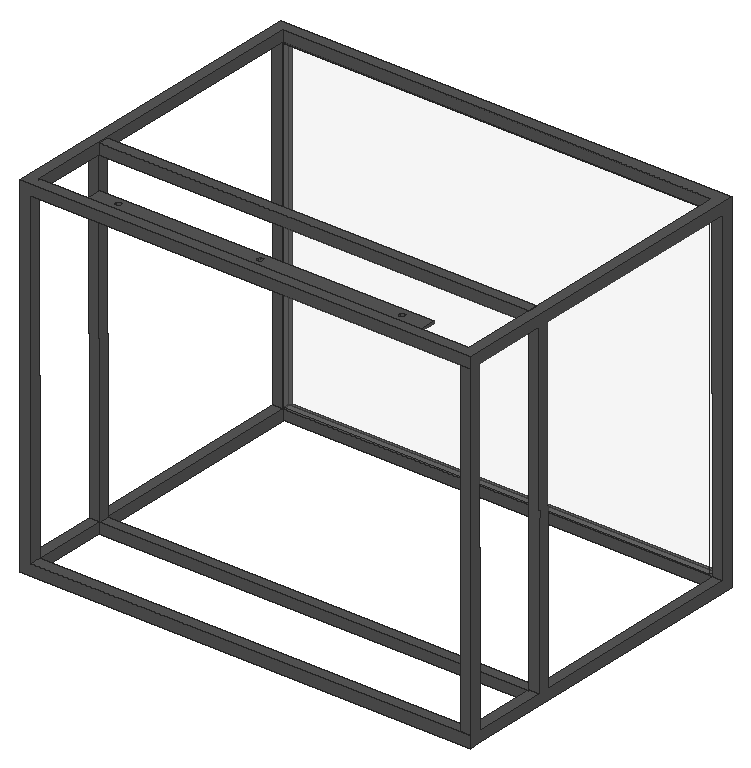
Revit family "Furniture-Console_Table-KALLISTA-Script-P78575", category Specialty Equipment, host Face, Revit 2022
Family settings
  Host = Face
  Round Connector Dimension = Use Diameter
  Part Type = Normal
  OmniClass Number = 23.21.19.15
  OmniClass Title = Specialty Casework
  Cut with Voids When Loaded = No
  Maintain Annotation Orientation = No
  Shared = No
  Room Calculation Point = No
Parameters (values of type "BL-Matte Black")
  Width = 27"  # constant formula
  WaterSense Certified = 1 = 0  # no
  URL = "https://www.kallista.com/"
  Type = 1
  Product Page URL = "https://www.kallista.com/products/luxury-bathroom/console-tables/consoles/grid-wall-hung-console-p78575-00/bl-matte-black"
  Product Name = "Script"  # constant formula
  Product Documentation Link = "https://techcomm.kohler.com/techcomm/pdf/1340948-8.pdf"
  Model = if(Type = 1, "P78575-00-BL", "NA")  # "P78575-00-BL"
  Material = "Premium Metal Construction"  # constant formula
  Master Format 2014 Name = "Cabinet and Drawer Hardware"  # constant formula
  Master Format 2014 = "06 41 93"  # constant formula
  Manufacturer Address = "444 Highland Dr, Kohler, WI 53044"  # constant formula
  Manufacturer = "Kallista  Co."  # constant formula
  Length = 19.56803"  # constant formula
  Height = 21.02413"  # constant formula
  Finish = Kallista-Metal-BL-Matte_Black
  Environmental Product Declaration = ""
  Description = "Wall-hung Console"  # constant formula
  Default Elevation = 48"
  Declare Label = ""
  Date Modified = "06/03/2025"  # constant formula
  Date Created = "06/03/2025"  # constant formula
  Copyright = "Copyright Kallista Co."  # constant formula
  Contact Us = "https://www.kallista.com/corporate/contact-us/"
  Assembly Code = "E20"
  ADA Compliant = 1 = 0  # no
Reference planes (in)
  plane 1 "Center (Front/Back)": y = 0
  plane 2: z = 0
  plane 3 "Center (Left/Right)": x = 0
  plane 4: x = 13.50004
  plane 5: y = -12.05661
  plane 6: x = -13.49996
  plane 7: z = 21.02413
  plane 8: z = 10.45045
  plane 9: y = 7.51142
Dimensions and locks (in)
  "Width": plane 6 to plane 4
  "Length": plane 5 to plane 9
  plane 7 to level = 21.02413"
  plane 6 to plane 4 = 27"
  "Height": plane 7 to level
  plane 9 to plane 5 = 19.56803"
  aligned and locked: plane 2 to host face
  aligned and locked: level to host face
Automatic sketch dimensions
  host sketch curve to host sketch curve = 96"  (x2)
Nested families (in)
  nested 1: "P78575" at (0, 7.51141, 10.45045) x (1, 0, 0) z (0, -1, 0), type "P78575"
Definition of nested family "P78575"
  Parameters
    Material = none
    Default Elevation = 48"
  Reference planes (in)
    plane 1 "Center (Front/Back)": y = 0
    plane 2: z = 0
    plane 3 "Center (Left/Right)": x = 0
    plane 4: x = -13.49996
    plane 5: x = 13.50004
    plane 6: y = 10.57367
    plane 7: y = -10.45045
    plane 8: z = 19.56802
    plane 9: z = 0
    plane 10: z = 0
  Forms (in)
    Extrusion 1, solid, material <- "Material"
      sketch origin (0, 0, 0) x (1, 0, 0) y (0, 0, 1)
        loop
          line (12.87504, 18.93858) -> (-12.8765, 18.93858) -> (-12.8765, 0.69051) -> (12.87504, 0.69051) -> (12.87504, 18.93858)
        loop
          line (-13.49996, 0) -> (13.50004, 0) -> (13.50004, 19.56802) -> (-13.49996, 19.56802) -> (-13.49996, 0)
      from -10.57367 to -9.93221
    Extrusion 2, solid, material <- "Material"
      sketch origin (0, 0, 0) x (0, 1, 0) y (0, 0, 1)
        loop
          line (-10.4057, 19.50402) -> (-10.4057, -0.00017) -> (10.57458, -0.00017) -> (10.57458, 19.50402) -> (-10.4057, 19.50402)
        loop
          line (-9.82544, 14.37688) -> (9.93221, 14.43863) -> (9.93221, 18.93865) -> (-9.8395, 18.87686) -> (-9.82544, 14.37688)
        loop
          line (9.93221, 13.81363) -> (-9.82348, 13.75189) -> (-9.78247, 0.62695) -> (9.93221, 0.68856) -> (9.93221, 13.81363)
      from 12.87504 to 13.50004
    Extrusion 3, solid, material <- "Material"
      sketch origin (0, 0, 0) x (0, 1, 0) y (0, 0, -1)
        loop
          line (-10.45045, -19.56802) -> (10.57458, -19.56802) -> (10.57458, 0.00017) -> (-10.45045, 0.00017) -> (-10.45045, -19.56802)
        loop
          line (-9.82544, -14.37688) -> (-9.8395, -18.87686) -> (9.93221, -18.93865) -> (9.93221, -14.43863) -> (-9.82544, -14.37688)
        loop
          line (9.93221, -13.81363) -> (9.93221, -0.68856) -> (-9.78247, -0.62695) -> (-9.82348, -13.75189) -> (9.93221, -13.81363)
      from 12.87504 to 13.50004
    Extrusion 4, solid, material <- "Material"
      sketch origin (0, 0, 0) x (1, 0, 0) y (0, 1, 0)
        loop
          line (-12.87496, -10.45043) -> (12.87504, -10.45043) -> (12.87504, -9.82544) -> (-12.87496, -9.82544) -> (-12.87496, -10.45043)
        loop
          line (12.87504, 10.57367) -> (-12.87496, 10.57367) -> (-12.87496, 9.92447) -> (12.87504, 9.92447) -> (12.87504, 10.57367)
      from 13.81361 to 14.43861
    Extrusion 5, solid, material <- "Material"
      sketch origin (0, 0, 0) x (1, 0, 0) y (0, 1, 0)
        loop
          line (12.87504, -9.78119) -> (-12.8765, -9.78119) -> (-12.8765, -10.40551) -> (12.87504, -10.40551) -> (12.87504, -9.78119)
      from -0.00002 to 0.625
    Extrusion 6, solid
      sketch origin (0, 0, 0) x (1, 0, 0) y (0, 1, 0)
        loop
          line (-12.76577, -9.67165) -> (12.76432, -9.67165) -> (12.76432, 9.85839) -> (-12.76577, 9.85839) -> (-12.76577, -9.67165)
      from 0.31211 to 0.69063
    Extrusion 7, solid, material <- "Material"
      sketch origin (0, 0, 0) x (0, 1, 0) y (0, 0, 1)
        loop
          line (9.91057, 18.81358) -> (10.41149, 18.81358) -> (10.41149, 17.93579) -> (10.53854, 17.93579) -> (10.53854, 18.93758) -> (9.91057, 18.93758) -> (9.91057, 18.81358)
      from -9.99996 to 10.00004
    Extrusion 8, void
      sketch origin (0, 0, 0) x (1, 0, 0) y (0, 0, 1)
        loop
          spline (8.66504, 18.44054) -> (8.65942, 18.48324) -> (8.64294, 18.52304) -> (8.61672, 18.55721) -> (8.58254, 18.58343) -> (8.54275, 18.59992) -> (8.50004, 18.60554) -> (8.45734, 18.59992) -> (8.41754, 18.58343) -> (8.38337, 18.55721) -> (8.35715, 18.52304) -> (8.34067, 18.48324) -> (8.33504, 18.44054)
          spline (8.33504, 18.44054) -> (8.34067, 18.39783) -> (8.35715, 18.35804) -> (8.38337, 18.32387) -> (8.41754, 18.29765) -> (8.45734, 18.28116) -> (8.50004, 18.27554) -> (8.54275, 18.28116) -> (8.58254, 18.29765) -> (8.61672, 18.32387) -> (8.64294, 18.35804) -> (8.65942, 18.39783) -> (8.66504, 18.44054)
        loop
          spline (-0.16496, 18.44054) -> (-0.15933, 18.39783) -> (-0.14285, 18.35804) -> (-0.11663, 18.32387) -> (-0.08246, 18.29765) -> (-0.04266, 18.28116) -> (0.00004, 18.27554) -> (0.04275, 18.28116) -> (0.08254, 18.29765) -> (0.11672, 18.32387) -> (0.14294, 18.35804) -> (0.15942, 18.39783) -> (0.16504, 18.44054)
          spline (0.16504, 18.44054) -> (0.15942, 18.48324) -> (0.14294, 18.52304) -> (0.11672, 18.55721) -> (0.08254, 18.58343) -> (0.04275, 18.59992) -> (0.00004, 18.60554) -> (-0.04266, 18.59992) -> (-0.08246, 18.58343) -> (-0.11663, 18.55721) -> (-0.14285, 18.52304) -> (-0.15933, 18.48324) -> (-0.16496, 18.44054)
        loop
          spline (-8.33496, 18.44054) -> (-8.34058, 18.48324) -> (-8.35706, 18.52304) -> (-8.38328, 18.55721) -> (-8.41746, 18.58343) -> (-8.45725, 18.59992) -> (-8.49996, 18.60554) -> (-8.54266, 18.59992) -> (-8.58246, 18.58343) -> (-8.61663, 18.55721) -> (-8.64285, 18.52304) -> (-8.65933, 18.48324) -> (-8.66496, 18.44054)
          spline (-8.66496, 18.44054) -> (-8.65933, 18.39783) -> (-8.64285, 18.35804) -> (-8.61663, 18.32387) -> (-8.58246, 18.29765) -> (-8.54266, 18.28116) -> (-8.49996, 18.27554) -> (-8.45725, 18.28116) -> (-8.41746, 18.29765) -> (-8.38328, 18.32387) -> (-8.35706, 18.35804) -> (-8.34058, 18.39783) -> (-8.33496, 18.44054)
      from -11.32428 to -8.7001
    Extrusion 9, solid, material <- "Material"
      sketch origin (0, 0, 0) x (1, 0, 0) y (0, 1, 0)
        loop
          line (-13.50004, -10.45045) -> (13.50004, -10.45045) -> (13.50004, -9.78119) -> (-13.50004, -9.78119) -> (-13.50004, -10.45045)
      from 18.93858 to 19.56802
  Cuts and joins
    joined: Extrusion 1, Extrusion 2, Extrusion 3, Extrusion 5, Extrusion 9
    Extrusion 8 cuts Extrusion 7
  Lines and regions (in)
    Masking region 1
      outline origin (0, 0, 0) x (1, 0, 0) y (0, 0, 1)
        loop
          line (13.50033, 19.56802) -> (-13.49996, 19.56802) -> (-13.49996, 0) -> (13.50033, 0) -> (13.50033, 19.56802)
    Masking region 2
      outline origin (0, 0, 0) x (1, 0, 0) y (0, 1, 0)
        loop
          line (13.50004, 10.57367) -> (-13.49996, 10.57367) -> (-13.49996, -10.45045) -> (13.50004, -10.45045) -> (13.50004, 10.57367)
    Masking region 3
      outline origin (0, 0, 0) x (0, 1, 0) y (0, 0, 1)
        loop
          line (10.57367, 0) -> (10.57367, 19.56802) -> (-10.45045, 19.56802) -> (-10.45045, 0) -> (10.57367, 0)
    symbolic lines, detail levels medium+fine
      curve 1: line (-8.21813, -7.44765, 0) -> (-8.21813, 4.46953, 0)
      curve 2: line (-8.02128, 4.66638, 0) -> (8.1614, 4.66638, 0)
      curve 3: line (8.35825, 4.46953, 0) -> (8.35825, -7.44765, 0)
      curve 4: line (8.1614, -7.6445, 0) -> (-8.02128, -7.6445, 0)
      curve 5: arc (8.1614, 4.66638, 0) -> (8.30059, 4.60873, 0) -> (8.35825, 4.46953, 0) r 0.19685
      curve 6: arc (-8.21813, 4.46953, 0) -> (-8.16047, 4.60873, 0) -> (-8.02128, 4.66638, 0) r 0.19685
      curve 7: arc (8.1614, -7.6445, 0) -> (8.30059, -7.58685, 0) -> (8.35825, -7.44765, 0) r 0.19685
      curve 8: arc (-8.21813, -7.44765, 0) -> (-8.16047, -7.58685, 0) -> (-8.02128, -7.6445, 0) r 0.19685
      curve 9: line (0, -9.8395, 18.88861) -> (0, 9.93221, 18.9504)
      curve 10: line (0, 9.93221, 18.9504) -> (0, 9.93221, 14.45038)
      curve 11: line (0, -9.82544, 14.38863) -> (0, -9.8395, 18.88861)
      curve 12: line (0, 9.93221, 14.45038) -> (0, -9.82544, 14.38863)
      curve 13: line (0, -9.78247, 0.6387) -> (0, -9.82348, 13.76364)
      curve 14: line (0, -9.82348, 13.76364) -> (0, 9.93221, 13.82538)
      curve 15: line (0, 9.93221, 0.70031) -> (0, -9.78247, 0.6387)
      curve 16: line (0, 9.93221, 13.82538) -> (0, 9.93221, 0.70031)
      curve 17: line (12.87504, 0, 14.45036) -> (-12.8765, 0, 14.45036)
      curve 18: line (12.87504, 0, 18.78107) -> (12.87504, 0, 14.45036)
      curve 19: line (12.87504, 0, 13.82536) -> (12.87504, 0, 0.625)
      curve 20: line (-12.8765, 0, 13.82536) -> (12.87504, 0, 13.82536)
      curve 21: line (-12.8765, 0, 0.625) -> (-12.8765, 0, 13.82536)
      curve 22: line (12.87504, 0, 0.625) -> (-12.8765, 0, 0.625)
      curve 23: line (-12.8765, 0, 14.45036) -> (-12.8765, 0, 18.78107)
      curve 24: line (-12.8765, 0, 18.78107) -> (12.87504, 0, 18.78107)
      curve 25: line (-9.99996, 0, 19.49994) -> (-9.99996, 0, 17.93579)
      curve 26: line (-9.99996, 0, 17.93579) -> (10.00004, 0, 17.93579)
      curve 27: line (10.00004, 0, 17.93579) -> (10.00004, 0, 19.49994)
      curve 28: spline (8.33504, 0, 18.44054) -> (8.34067, 0, 18.39783) -> (8.35715, 0, 18.35804) -> (8.38337, 0, 18.32387) -> (8.41754, 0, 18.29765) -> (8.45734, 0, 18.28116) -> (8.50004, 0, 18.27554) -> (8.54275, 0, 18.28116) -> (8.58254, 0, 18.29765) -> (8.61672, 0, 18.32387) -> (8.64294, 0, 18.35804) -> (8.65942, 0, 18.39783) -> (8.66504, 0, 18.44054)
      curve 29: spline (8.66504, 0, 18.44054) -> (8.65942, 0, 18.48324) -> (8.64294, 0, 18.52304) -> (8.61672, 0, 18.55721) -> (8.58254, 0, 18.58343) -> (8.54275, 0, 18.59992) -> (8.50004, 0, 18.60554) -> (8.45734, 0, 18.59992) -> (8.41754, 0, 18.58343) -> (8.38337, 0, 18.55721) -> (8.35715, 0, 18.52304) -> (8.34067, 0, 18.48324) -> (8.33504, 0, 18.44054)
      curve 30: spline (-0.16496, 0, 18.44054) -> (-0.15933, 0, 18.39783) -> (-0.14285, 0, 18.35804) -> (-0.11663, 0, 18.32387) -> (-0.08246, 0, 18.29765) -> (-0.04266, 0, 18.28116) -> (0.00004, 0, 18.27554) -> (0.04275, 0, 18.28116) -> (0.08254, 0, 18.29765) -> (0.11672, 0, 18.32387) -> (0.14294, 0, 18.35804) -> (0.15942, 0, 18.39783) -> (0.16504, 0, 18.44054)
      curve 31: spline (0.16504, 0, 18.44054) -> (0.15942, 0, 18.48324) -> (0.14294, 0, 18.52304) -> (0.11672, 0, 18.55721) -> (0.08254, 0, 18.58343) -> (0.04275, 0, 18.59992) -> (0.00004, 0, 18.60554) -> (-0.04266, 0, 18.59992) -> (-0.08246, 0, 18.58343) -> (-0.11663, 0, 18.55721) -> (-0.14285, 0, 18.52304) -> (-0.15933, 0, 18.48324) -> (-0.16496, 0, 18.44054)
      curve 32: spline (-8.66496, 0, 18.44054) -> (-8.65933, 0, 18.39783) -> (-8.64285, 0, 18.35804) -> (-8.61663, 0, 18.32387) -> (-8.58246, 0, 18.29765) -> (-8.54266, 0, 18.28116) -> (-8.49996, 0, 18.27554) -> (-8.45725, 0, 18.28116) -> (-8.41746, 0, 18.29765) -> (-8.38328, 0, 18.32387) -> (-8.35706, 0, 18.35804) -> (-8.34058, 0, 18.39783) -> (-8.33496, 0, 18.44054)
      curve 33: spline (-8.33496, 0, 18.44054) -> (-8.34058, 0, 18.48324) -> (-8.35706, 0, 18.52304) -> (-8.38328, 0, 18.55721) -> (-8.41746, 0, 18.58343) -> (-8.45725, 0, 18.59992) -> (-8.49996, 0, 18.60554) -> (-8.54266, 0, 18.59992) -> (-8.58246, 0, 18.58343) -> (-8.61663, 0, 18.55721) -> (-8.64285, 0, 18.52304) -> (-8.65933, 0, 18.48324) -> (-8.66496, 0, 18.44054)
      curve 34: line (-12.76577, 9.93221, 0) -> (12.87504, 9.93221, 0)
      curve 35: line (-12.76577, 9.93221, 0) -> (-12.76577, -9.78119, 0)
      curve 36: line (12.87504, 9.93221, 0) -> (12.87504, -9.78119, 0)
      curve 37: line (12.87504, -9.78119, 0) -> (-12.76577, -9.78119, 0)
      curve 38: line (0, -9.82544, 14.37688) -> (0, -9.8395, 18.87686)
      curve 39: line (0, 9.93221, 18.9504) -> (0, 9.93221, 14.45038)
      curve 40: line (0, 9.93221, 13.82538) -> (0, 9.93221, 0.70031)
      curve 41: line (0, -9.78247, 0.62695) -> (0, -9.82348, 13.75189)
  Dimensions and locks (in)
    aligned and locked: level to plane 2
